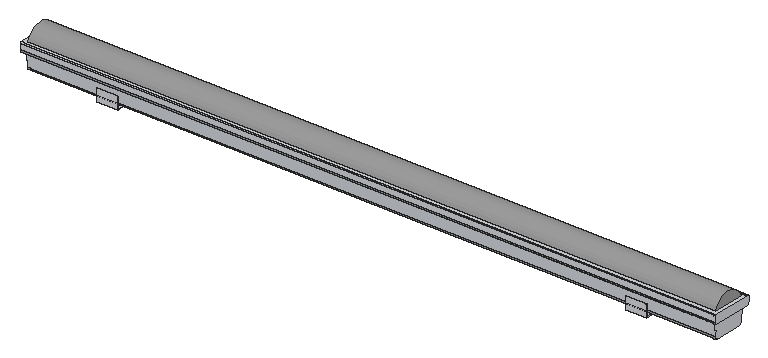
Revit family "Resisto HE IP66 DALI", category Lighting Fixtures, host Face, Revit 2017
Family settings
  Host = Face
  Round Connector Dimension = Use Diameter
  Part Type = Normal
  OmniClass Number = 23.80.70.00
  OmniClass Title = Lighting
  Cut with Voids When Loaded = No
  Light Source = Yes
  Shared = No
  Room Calculation Point = No
Parameters (values of type "0010283 RESISTO 1500 HE IP66 DALI 7100LM 840 EM")
  Weight = "kg"
  Wattage Comments = ""
  Wattage = 50 W
  WarrantyStartDate [instance] = "n/a"
  WarrantyGuarantorParts = "n/a"
  WarrantyDurationUnit = "n/a"
  WarrantyDurationParts = "n/a"
  WarrantyDescription = "n/a"
  WIDTH_SYL = 44.5 mm
  built-in parameter 1150110 = 1 (stored number, unit not read)
  Voltage = 0 V
  URL = "http://www.sylvania-lighting.com"
  TypeName = "Resisto 1500 HE IP66 DALI 7100LM 840 EM"
  Type Image = <None>
  Type Comments = "n/a"
  built-in parameter 1114217 = 1 (stored number, unit not read)
  Tilt Angle = -90.00°
  built-in parameter 1150109 = 1 (stored number, unit not read)
  built-in parameter 1150134 = 12
  TOP_WIDTH_SYL = 33.5 mm
  built-in parameter 1150113 = 1 (stored number, unit not read)
  SerialNumber [instance] = "n/a"
  Photometric Web File = "0010283.ies"
  Material_3_SYL = none
  PowerFactor = 0.98
  PowerConsumption = "50 W"
  NominalLength = 1500 mm
  NominalHeight = 80 mm
  NominalDepth = 87 mm
  Name = "Resisto 1500 HE IP66 DALI 7100LM 840 EM"
  ModelReference = Name  # "Resisto 1500 HE IP66 DALI 7100LM 840 EM"
  ModelNumber = "0010283"
  Model = Name  # "Resisto 1500 HE IP66 DALI 7100LM 840 EM"
  Material = "pc polycarbonate housing, pc polycarbonate diffuser"
  ManufacturerName = "Feilo Sylvania"
  Manufacturer = "Feilo Sylvania"
  MID_WIDTH_SYL = 36 mm
  LuminousEfficacy = "142 lm/W"
  built-in parameter 1150105 = 2367.5 (stored number, unit not read)
  Lumens = 7100 lm
  LuminaireType = ""
  built-in parameter 1150115 = 1 (stored number, unit not read)
  LightOutputRatio = "n/a"
  built-in parameter 1150137 = (empty or 0)
  built-in parameter 1150139 = (empty or 0)
  LampsType = Lamp  # "LED"
  LampNominalLuminous = "7100 lm"
  LampMacAdamStep = "3"
  LampColourTemperature = "4000 K"
  LampColourRenderingIndex = "80"
  built-in parameter 1150112 = 1 (stored number, unit not read)
  built-in parameter 1150114 = 1 (stored number, unit not read)
  Lamp = "LED"
  LENGHT_SYL = if(L1500_SYL, 742 mm, if(L1200_SYL, 592 mm, 317 mm))  # 742 mm
  LENGHT_CHAMFER_SYL = if(L1500_SYL, 750 mm, if(L1200_SYL, 600 mm, 325 mm))  # 750 mm
  LENGHT_650_SYL = 325 mm
  LENGHT-_SYL = if(L1500_SYL, -742 mm, if(L1200_SYL, -592 mm, -317 mm))  # -742 mm
  LENGHT-_CHAMFER_SYL = if(L1500_SYL, -750 mm, if(L1200_SYL, -600 mm, -325 mm))  # -750 mm
  LEGHT_650-_SYL = -325 mm
  LEGHT_1500_SYL = 750 mm
  LEGHT_1500-_SYL = -750 mm
  LEGHT_1200_SYL = 600 mm
  LEGHT_1200-_SYL = -600 mm
  L0650_SYL = no
  L1500_SYL = yes
  L1200_SYL = no
  Keynote = "16500"
  InstallationDate [instance] = "n/a"
  InputVoltage = "n/a"
  InputNominalFrequency = "n/a"
  built-in parameter 1150132 = (empty or 0)
  built-in parameter 1150102 = (empty or 0)
  built-in parameter 1150107 = 4000 (stored number, unit not read)
  built-in parameter 1150138 = (empty or 0)
  IngressProtection = "IP66"
  ImpactProtectionIndex = "IK08"
  built-in parameter 1150106 = 23.675 (stored number, unit not read)
  IfcExportType = "IfcLightFixtureType"
  IfcExportAs = "IfcLightFixtureType"
  Emit from Circle Diameter = 609.6 mm
  Emit Shape Visible in Rendering = no
  ElectricShockClassification = "Class I"
  built-in parameter 1150104 = 13.192 (stored number, unit not read)
  DocumentationLiterature = "http://www.sylvania-lighting.com/product/en-int/products/0010283"
  DimmingControlOptions = "n/a"
  Material_2_SYL = none
  Dimming Lamp Color Temperature Shift = <None>
  Description = "Resisto, integrated LED weatherproof luminaire, with UV stabilized flat diffuser designed to achieve uniform lit appearance, optimise light output and to reduce glare. 301 stainless steel diffuser clips and fixing brackets for surface mounting. Polycarbonate housing and diffuser - no yellow discolouration over time. 7100lm; 50W; 142lm/W; 4000K; SDCM<3; DALI dimmable; CRI80; IP66; IK08; Class I; 69,000hrs (L80B20) lifespan; 1500mm x 89mm x 88mm; D-mark; 3-hour maintained emergency batteries."
  Default Elevation = 1219.2 mm
  DIF_WIDHT_SYL = 35 mm
  DIF_HEIGHT_SYL = 24 mm
  CreatedOn = "6/10/2021"
  CreatedBy = "@sylvania-lighting.com"
  Cost = 0
  Color Filter = 16777215
  built-in parameter 1114216 [instance] = (empty or 0)
  ClassificationValue = "EF_70_80"
  ClassificationName = "Uniclass2015"
  Material_1_SYL = Default
  CHAMFER_SYL = 19 mm
  BarCode [instance] = "n/a"
  built-in parameter 1114218 = 1 (stored number, unit not read)
  BRACKET_WIDTH_SYL = BRACKET_DIST_SYL - 44 mm  # 550 mm
  BRACKET_HEIGHT_SYL = 9 mm
  BRACKET_DIST_SYL = LENGHT_CHAMFER_SYL - 156 mm  # 594 mm
  BODY_SYL = 36 mm
  built-in parameter 1150133 = 10 (stored number, unit not read)
  AssetType = "Fixed"
  AssetIdentifier [instance] = "n/a"
  Assembly Code = "D5020200"
  Apparent Load = 50 VA
  Material_4_SYL = none
Types (4, lengths in mm): name | Wattage | TypeName | Photometric Web File | PowerFactor | PowerConsumption | NominalLength | Name | ModelReference | ModelNumber | Model | LuminousEfficacy | built-in parameter 1150105 | Lumens | LampNominalLuminous | LENGHT_SYL | LENGHT_CHAMFER_SYL | LENGHT-_SYL | LENGHT-_CHAMFER_SYL | L1500_SYL | L1200_SYL | built-in parameter 1150106 | built-in parameter 1150104 | DocumentationLiterature | Description | BRACKET_WIDTH_SYL | BRACKET_DIST_SYL | Apparent Load
  0010283 RESISTO 1500 HE IP66 DALI 7100LM 840 EM | 50 W | "Resisto 1500 HE IP66 DALI 7100LM 840 EM" | "0010283.ies" | 0.98 | "50 W" | 1500 | "Resisto 1500 HE IP66 DALI 7100LM 840 EM" | "Resisto 1500 HE IP66 DALI 7100LM 840 EM" | "0010283" | "Resisto 1500 HE IP66 DALI 7100LM 840 EM" | "142 lm/W" | 2367.5 (stored number, unit not read) | 7100 lm | "7100 lm" | 742 | 750 | -742 | -750 | yes | no | 23.675 (stored number, unit not read) | 13.192 (stored number, unit not read) | "http://www.sylvania-lighting.com/product/en-int/products/0010283" | "Resisto, integrated LED weatherproof luminaire, with UV stabilized flat diffuser designed to achieve uniform lit appearance, optimise light output and to reduce glare. 301 stainless steel diffuser clips and fixing brackets for surface mounting. Polycarbonate housing and diffuser - no yellow discolouration over time. 7100lm; 50W; 142lm/W; 4000K; SDCM<3; DALI dimmable; CRI80; IP66; IK08; Class I; 69,000hrs (L80B20) lifespan; 1500mm x 89mm x 88mm; D-mark; 3-hour maintained emergency batteries." | 550 | 594 | 50 VA
  0010282 RESISTO 1500 HE IP66 DALI 4000LM 840 EM | 29 W | "Resisto 1500 HE IP66 DALI 4000LM 840 EM" | "0010282.ies" | 0.98 | "29 W" | 1500 | "Resisto 1500 HE IP66 DALI 4000LM 840 EM" | "Resisto 1500 HE IP66 DALI 4000LM 840 EM" | "0010282" | "Resisto 1500 HE IP66 DALI 4000LM 840 EM" | "138 lm/W" | 1287 (stored number, unit not read) | 4002 lm | "4000 lm" | 742 | 750 | -742 | -750 | yes | no | 12.87 (stored number, unit not read) | 12.821 (stored number, unit not read) | "http://www.sylvania-lighting.com/product/en-int/products/0010282" | "Resisto, integrated LED weatherproof luminaire, with UV stabilized flat diffuser designed to achieve uniform lit appearance, optimise light output and to reduce glare. 301 stainless steel diffuser clips and fixing brackets for surface mounting. Polycarbonate housing and diffuser - no yellow discolouration over time. 4000lm; 29W; 138lm/W; 4000K; SDCM<3; DALI dimmable; CRI80; IP66; IK08; Class I; 69,000hrs (L80B20) lifespan; 1500mm x 89mm x 88mm; D-mark; 3-hour maintained emergency batteries." | 550 | 594 | 29 VA
  0010281 RESISTO 1200 HE IP66 DALI 4800LM 840 EM | 35 W | "Resisto 1200 HE IP66 DALI 4800LM 840 EM" | "0010281.ies" | 0.98 | "35 W" | 1200 | "Resisto 1200 HE IP66 DALI 4800LM 840 EM" | "Resisto 1200 HE IP66 DALI 4800LM 840 EM" | "0010281" | "Resisto 1200 HE IP66 DALI 4800LM 840 EM" | "137 lm/W" | 1583.6 (stored number, unit not read) | 4795 lm | "4800 lm" | 592 | 600 | -592 | -600 | no | yes | 15.836 (stored number, unit not read) | 12.728 (stored number, unit not read) | "http://www.sylvania-lighting.com/product/en-int/products/0010281" | "Resisto, integrated LED weatherproof luminaire, with UV stabilized flat diffuser designed to achieve uniform lit appearance, optimise light output and to reduce glare. 301 stainless steel diffuser clips and fixing brackets for surface mounting. Polycarbonate housing and diffuser - no yellow discolouration over time. 4800lm; 35W; 137lm/W; 4000K; SDCM<3; DALI dimmable; CRI80; IP66; IK08; Class I; 69,000hrs (L80B20) lifespan; 1200mm x 89mm x 88mm; D-mark; 3-hour maintained emergency batteries." | 400 | 444 | 35 VA
  0010280 RESISTO 1200 HE IP66 DALI 2800LM 840 EM | 22 W | "Resisto 1200 HE IP66 DALI 2800LM 840 EM" | "0010280.ies" | 1 | "22 W" | 1200 | "Resisto 1200 HE IP66 DALI 2800LM 840 EM" | "Resisto 1200 HE IP66 DALI 2800LM 840 EM" | "0010280" | "Resisto 1200 HE IP66 DALI 2800LM 840 EM" | "127 lm/W" | 918.28 (stored number, unit not read) | 2794 lm | "2800 lm" | 592 | 600 | -592 | -600 | no | yes | 9.1828 (stored number, unit not read) | 11.799 (stored number, unit not read) | "http://www.sylvania-lighting.com/product/en-int/products/0010280" | "Resisto, integrated LED weatherproof luminaire, with UV stabilized flat diffuser designed to achieve uniform lit appearance, optimise light output and to reduce glare. 301 stainless steel diffuser clips and fixing brackets for surface mounting. Polycarbonate housing and diffuser - no yellow discolouration over time. 2800lm; 22W; 127lm/W; 4000K; SDCM<3; DALI dimmable; CRI80; IP66; IK08; Class I; 69,000hrs (L80B20) lifespan; 1200mm x 89mm x 88mm; D-mark; 3-hour maintained emergency batteries." | 400 | 444 | 22 VA
Reference planes
  plane 1 "Center (Front/Back)": y = 0
  plane 2: z = 0
  plane 3 "Center (Left/Right)": x = 0
  plane 4: z = 9
  plane 5: z = 45
  plane 6: z = 64
  plane 7: z = 88
  plane 8: y = -44.5
  plane 9: y = 44.5
  plane 10: y = -35
  plane 11: y = 35
  plane 12: y = 33.5
  plane 13: y = -33.5
  plane 14: y = -36
  plane 15: y = 36
  plane 16: z = 1
Forms (mm)
  Extrusion 1, solid
    sketch origin (319, 1524, 1219.2) x (0, 1, 0) y (0, 0, 1)
      loop
        line (-1552.835, -1210.2) -> (-1495.165, -1210.2)
        arc (-1495.165, -1210.2) -> (-1491.754, -1208.856) -> (-1490.177, -1205.546) r 5
        line (-1490.177, -1205.546) -> (-1488.323, -1178.854) -> (-1488, -1174.2) -> (-1560, -1174.2) -> (-1559.677, -1178.854) -> (-1557.823, -1205.546)
        arc (-1557.823, -1205.546) -> (-1556.246, -1208.856) -> (-1552.835, -1210.2) r 5
    from -742 <- "LENGHT-_SYL" to 742 <- "LENGHT_SYL"
  Extrusion 2, solid, material "Default" <- "Material_1_SYL"
    sketch origin (319, 1524, 1219.2) x (0, 1, 0) y (0, 0, 1)
      loop
        arc (-1490.5, -1155.2) -> (-1524, -1131.2) -> (-1557.5, -1155.2) r 35.38
        line (-1557.5, -1155.2) -> (-1490.5, -1155.2)
    from -742 <- "LENGHT-_SYL" to 742 <- "LENGHT_SYL"
  Extrusion 3, solid
    sketch origin (319, 1524, 1219.2) x (0, 1, 0) y (0, 0, 1)
      loop
        line (-1481.5, -1155.2) -> (-1566.5, -1155.2)
        arc (-1566.5, -1155.2) -> (-1567.914, -1155.786) -> (-1568.5, -1157.2) r 2
        line (-1568.5, -1157.2) -> (-1568.5, -1169.2)
        arc (-1568.5, -1169.2) -> (-1567.036, -1172.736) -> (-1563.5, -1174.2) r 5
        line (-1563.5, -1174.2) -> (-1484.5, -1174.2)
        arc (-1484.5, -1174.2) -> (-1480.964, -1172.736) -> (-1479.5, -1169.2) r 5
        line (-1479.5, -1169.2) -> (-1479.5, -1157.2)
        arc (-1479.5, -1157.2) -> (-1480.086, -1155.786) -> (-1481.5, -1155.2) r 2
    from -750 <- "LENGHT-_CHAMFER_SYL" to 750 <- "LENGHT_CHAMFER_SYL"
  Extrusion 4, solid
    sketch origin (319, 1524, 1219.2) x (0, 1, 0) y (0, 0, 1)
      loop
        line (-1489, -1219.2) -> (-1489, -1192.216) -> (-1490.5, -1192.216) -> (-1490.5, -1218.2) -> (-1557.5, -1218.2) -> (-1557.5, -1192.172) -> (-1559, -1192.172) -> (-1559, -1219.2) -> (-1489, -1219.2)
    from 550 <- "BRACKET_WIDTH_SYL" to 594 <- "BRACKET_DIST_SYL"
  Extrusion 5, solid
    sketch origin (321, 1524, 1219.2) x (0, 1, 0) y (0, 0, -1)
      loop
        line (-1489, 1219.2) -> (-1559, 1219.2) -> (-1559, 1192.172) -> (-1557.5, 1192.172) -> (-1557.5, 1218.2) -> (-1490.5, 1218.2) -> (-1490.5, 1192.216) -> (-1489, 1192.216) -> (-1489, 1219.2)
    from 550 <- "BRACKET_WIDTH_SYL" to 594 <- "BRACKET_DIST_SYL"
Dimensions and locks
  "BRACKET_HEIGHT_SYL": plane 4 to host face
  "BODY_SYL": plane 4 to plane 5
  "CHAMFER_SYL": plane 5 to plane 6
  "DIF_HEIGHT_SYL": plane 6 to plane 7
  "WIDTH_SYL": plane 9 to plane 1 "Center (Front/Back)" to plane 8
  "DIF_WIDHT_SYL": plane 11 to plane 1 "Center (Front/Back)" to plane 10
  "TOP_WIDTH_SYL": plane 12 to plane 1 "Center (Front/Back)" to plane 13
  "MID_WIDTH_SYL": plane 15 to plane 1 "Center (Front/Back)" to plane 14
  aligned and locked: plane 2 to host face
  aligned and locked: level to host face
  aligned and locked: Extrusion 3 sketch curve to plane 6
  aligned and locked: Extrusion 3 sketch curve to plane 9
  aligned and locked: plane 5 to Extrusion 3 sketch curve
  aligned and locked: plane 8 to Extrusion 3 sketch curve
Automatic sketch dimensions
  host sketch curve to host sketch curve = 2438.4 mm  (x2)
  plane 5 to Extrusion 1 sketch curve = 0 mm
  Extrusion 1 sketch curve to plane 14 = 0 mm
  plane 4 to Extrusion 1 sketch curve = 0 mm
  Extrusion 1 sketch curve to plane 15 = 0 mm
  Extrusion 1 sketch curve to plane 14 = 0.323 mm
  plane 13 to Extrusion 1 sketch curve = 0.323 mm
  Extrusion 1 sketch curve to plane 13 = 4.665 mm
  plane 12 to Extrusion 1 sketch curve = 4.665 mm
  Extrusion 1 sketch curve to plane 12 = 0.323 mm
  plane 15 to Extrusion 1 sketch curve = 0.323 mm
  Extrusion 1 sketch curve to plane 4 = 4.654 mm  (x2)
  plane 5 to Extrusion 1 sketch curve = 4.654 mm  (x2)
  plane 6 to Extrusion 2 sketch curve = 0 mm
  Extrusion 2 sketch curve to plane 13 = 0 mm
  Extrusion 2 sketch curve to plane 1 "Center (Front/Back)" = 0 mm
  Extrusion 2 sketch curve to plane 5 = 7.62 mm
  Extrusion 3 sketch curve to plane 8 = 2 mm
  plane 14 to Extrusion 3 sketch curve = 3.5 mm
  Extrusion 3 sketch curve to plane 15 = 3.5 mm
  plane 6 to Extrusion 3 sketch curve = 2 mm
  Extrusion 4 sketch curve to level = 0 mm
  Extrusion 4 sketch curve to plane 10 = 0 mm
  Extrusion 4 sketch curve to plane 13 = 0 mm
  Extrusion 4 sketch curve to plane 12 = 0 mm
  Extrusion 4 sketch curve to plane 11 = 0 mm
  plane 16 to Extrusion 4 sketch curve = 0 mm
  Extrusion 4 sketch curve to plane 4 = 17.984 mm
  plane 5 to Extrusion 4 sketch curve = 17.972 mm
  Extrusion 5 sketch curve to level = 0 mm
  Extrusion 5 sketch curve to plane 10 = 0 mm
  Extrusion 5 sketch curve to plane 13 = 0 mm
  Extrusion 5 sketch curve to plane 12 = 0 mm
  Extrusion 5 sketch curve to plane 11 = 0 mm
  plane 16 to Extrusion 5 sketch curve = 0 mm
  Extrusion 5 sketch curve to plane 4 = 17.984 mm
  plane 5 to Extrusion 5 sketch curve = 17.972 mm
Connectors
  electrical at (-423, 0, 27)
    settings: on Extrusion 1, index 1, voltage 0 V, apparent load 0 VA, apparent load phase1 0 VA, apparent load phase2 0 VA, apparent load phase3 0 VA, power factor 1, load classification "Other", number of poles 1, system type 31, power factor state 1, is connector primary yes, connector utility no, sub classification motor no, connector description ""
